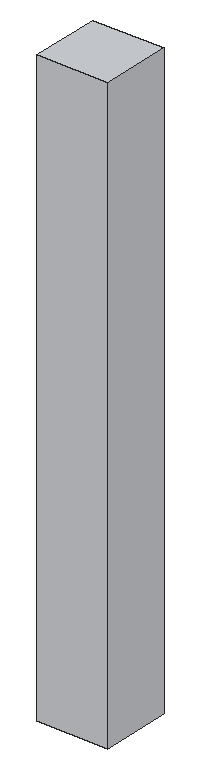
Revit family "M_Rectangular Column", category 기둥, Revit 2026
Family settings
  로드될 때 보이드를 사용하여 절단 = 아니오
  자동으로 형상을 벽에 결합합니다 = 예
  공유 = 아니오
  평면도에서 미리 절단된 패밀리 표시 = 예
Parameters (values of type "457 x 475mm")
  Depth = 475 mm
  Material = none
  Offset Base = 0 mm
  Offset Top = 0 mm
  Width = 475 mm
Types (3, lengths in mm): name | Depth | Width
  475 x 610mm | 475 | 610
  610 x 610mm | 610 | 610
  457 x 475mm | 475 | 475
Reference planes
  plane 1: y = 0
  plane 2: z = 0
  plane 3: x = 0
  plane 4: z = 4000
  plane 5: z = 0
  plane 6: x = -237.5
  plane 7: x = 237.5
  plane 8: y = -237.5
  plane 9: y = 237.5
Forms (mm)
  Extrusion 1, solid, material <- "Material"
    sketch origin (0, 0, 0) x (1, 0, 0) y (0, 1, 0)
      loop
        line (-237.5, 237.5) -> (-237.5, -237.5) -> (237.5, -237.5) -> (237.5, 237.5) -> (-237.5, 237.5)
    from 0 to 4000
Dimensions and locks
  "Offset Base": plane 5 to level
  "Offset Top": level to plane 4
  equal spacing: plane 6, plane 3, plane 7
  "Width": plane 6 to plane 7
  equal spacing: plane 8, plane 1, plane 9
  "Depth": plane 8 to plane 9
  aligned and locked: plane 4 to Extrusion 1
  aligned and locked: Extrusion 1 to plane 5
Automatic sketch dimensions
  Extrusion 1 sketch curve to plane 6 = 0 mm
  Extrusion 1 sketch curve to plane 7 = 0 mm
  Extrusion 1 sketch curve to plane 8 = 0 mm
  Extrusion 1 sketch curve to plane 9 = 0 mm
